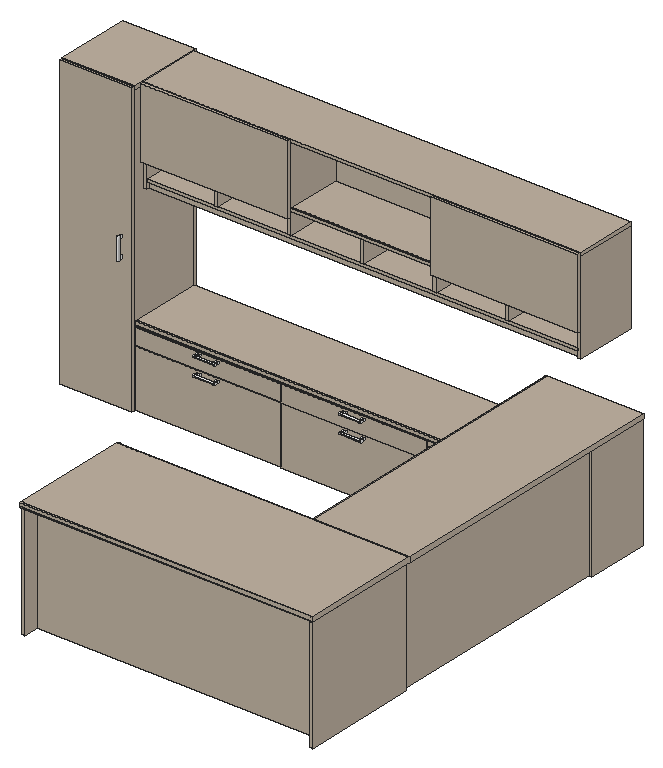
Revit family "JSI-Vision-Typical_Laminate-VST019-", category Furniture, Revit 2020 (continued)
Definition of nested family "JSI-Vision-Open_Shelf_Modular_Bench_Pedestal"
  Automatic sketch dimensions
    plane 5 to Extrusion 1 sketch curve = 0.18716"
    Extrusion 1 sketch curve to plane 6 = 0.18756"
    plane 11 to Extrusion 2 sketch curve = 0"
    plane 11 to Extrusion 3 sketch curve = 0"
    plane 18 to Extrusion 4 sketch curve = 7/8"
    plane 11 to Extrusion 4 sketch curve = 1"
    Extrusion 5 sketch curve to plane 19 = 0"
    plane 14 to Extrusion 5 sketch curve = 0.6409"
    Extrusion 2 sketch curve to plane 13 = 0"
    Extrusion 3 sketch curve to plane 13 = 0"
  Nested families (in)
    nested 1: "Label 1-16" at (9, -18, 0), type "DRWCFG"
  Definition of nested family "Label 1-16"
    Parameters
      Width = 1"
      Model Name = "FF"
    Reference planes (in)
      plane 1: y = 0
      plane 2: x = 0
    Text (in)
      label "XX" at (0.00051, -0.12324, 0), shows "Model Name"
Definition of nested family "JSI-Vision-Box_File_Modular_Bench_Pedestal"
  Parameters (values of type "Type Catalog")
    Width = 18"
    URL = "www.jsifurniture.com"
    Top = none
    Tag = "BF"
    Series = "Vision Casegoods"  # constant formula
    Pull Finish = none
    Model = "Type Catalog"
    Manufacturer = "JSI"  # constant formula
    Keynote = "12500"
    JSI Enviromental Website = "http://www.jsifurniture.com/jsi_sustainability_intro.php"
    Height = 18 3/4"
    Description = "Type Catalog"
    Depth = 18"
    Default Elevation = 0"
    Chassis = none
    Drawer Front = none
    Assembly Code = "E2020200"
  Reference planes (in)
    plane 1 "Center Front/Back": y = 0
    plane 2: z = 0
    plane 3 "Center Left/Right": x = 0
    plane 4: x = 18
    plane 5: y = -17.12
    plane 6: y = -17.25
    plane 7: x = 0.0625
    plane 8: x = 17.9375
    plane 9: y = -18
    plane 10: z = 0.14
    plane 11: z = 14.3909
    plane 12: z = 14.5159
    plane 13: x = 0.75
    plane 14: x = 17.25
    plane 15: y = -0.75
    plane 16: y = -16.37913
    plane 17: x = 9
    plane 18: z = 18.75
    plane 19: z = 18.6409
    plane 20: z = 18
  Forms (in)
    Extrusion 1, solid, material <- "Chassis"
      sketch origin (0.125, -0.1875, 48) x (0, 1, 0) y (0, 0, 1)
        loop
          line (-0.5625, -29.25) -> (-16.9325, -29.25) -> (-16.9325, -48) -> (-0.5625, -48) -> (-0.5625, -29.25)
      from -0.125 to 0.625
    Extrusion 2, solid, material <- "Chassis"
      sketch origin (29.875, -0.1875, 48) x (0, 1, 0) y (0, 0, 1)
        loop
          line (-0.5625, -29.25) -> (-16.9325, -29.25) -> (-16.9325, -48) -> (-0.5625, -48) -> (-0.5625, -29.25)
      from -12.625 to -11.875
    Extrusion 3, solid, material <- "Drawer Front"
      sketch origin (0, 0, 0) x (1, 0, 0) y (0, 0, 1)
        loop
          line (0.0625, 18.6409) -> (0.0625, 14.5159) -> (17.9375, 14.5159) -> (17.9375, 18.6409) -> (0.0625, 18.6409)
        loop
          line (0.0625, 14.3909) -> (0.0625, 0.14) -> (17.9375, 0.14) -> (17.9375, 14.3909) -> (0.0625, 14.3909)
      from 17.25 to 18
    Extrusion 4, solid, material <- "Chassis"
      sketch origin (0, 0, 0) x (1, 0, 0) y (0, 1, 0)
        loop
          line (0.75, -16.37913) -> (0.75, -17.12) -> (17.25, -17.12) -> (17.25, -16.37913) -> (0.75, -16.37913)
      from 0 to 1.9375
    Extrusion 5, solid, material <- "Top"
      sketch origin (0, 0, 0) x (0, 1, 0) y (0, 0, 1)
        loop
          line (-1.5, 18.75) -> (-17.12, 18.75) -> (-17.12, 18) -> (-1.5, 18) -> (-1.5, 18.75)
      from 0.75 to 17.25
    Extrusion 6, solid, material <- "Chassis"
      sketch origin (0, 0, 0) x (0, 1, 0) y (0, 0, 1)
        loop
          line (-1.5, 13.75) -> (-0.75, 13.75) -> (-0.75, 18.75) -> (-1.5, 18.75) -> (-1.5, 13.75)
        loop
          line (-1.5, 0) -> (-0.75, 0) -> (-0.75, 5) -> (-1.5, 5) -> (-1.5, 0)
      from 0.75 to 17.25
  Lines and regions (in)
    symbolic lines
      curve 1: line (0, 0, 0) -> (18, 0, 0)
      curve 2: line (0, -17.12, 0) -> (0, 0, 0)
      curve 3: line (18, -17.12, 0) -> (0, -17.12, 0)
      curve 4: line (18, 0, 0) -> (18, -17.12, 0)
      curve 5: line (0.0625, -17.25, 0) -> (17.9375, -17.25, 0)
      curve 6: line (0.0625, -18, 0) -> (0.0625, -17.25, 0)
      curve 7: line (17.9375, -18, 0) -> (0.0625, -18, 0)
      curve 8: line (17.9375, -17.25, 0) -> (17.9375, -18, 0)
  Dimensions and locks (in)
    plane 16 to plane 5 to plane 6 to plane 9 = 0.74087" locked, 0.13" locked, 3/4" locked
    "Depth": plane 1 "Center Front/Back" to plane 9
    locked: plane 19 to plane 18 at 0.1091
    "Width": plane 3 "Center Left/Right" to plane 4
    equal spacing: plane 3 "Center Left/Right", plane 17, plane 4
    plane 1 "Center Front/Back" to plane 15 = 3/4"
    "Height": plane 18 to level
    locked: plane 18 to plane 20 at 0.75
    locked: plane 12 to plane 11 at 0.125
    plane 19 to plane 12 to plane 10 to plane 2 = 4 1/8" locked, 14.3759" locked, 0.14" locked
    plane 3 "Center Left/Right" to plane 7 to plane 13 = 1/16" locked, 11/16" locked
    plane 14 to plane 8 to plane 4 = 11/16" locked, 1/16" locked
    locked: Extrusion 6 sketch curve to plane 2 at 5
    locked: Extrusion 6 sketch curve to plane 18 at 5
    locked: plane 15 to Extrusion 6 sketch curve at 0.75
    locked: Extrusion 3 to nested 2 at 0.75
    locked: Extrusion 3 to nested 1 at 0.75
    aligned and locked: level to plane 2
    aligned and locked: plane 15 to Extrusion 1 sketch curve
    aligned and locked: Extrusion 1 sketch curve to plane 5
    aligned and locked: Extrusion 1 sketch curve to level
    aligned and locked: plane 13 to Extrusion 1
    aligned and locked: Extrusion 2 sketch curve to plane 15
    aligned and locked: level to Extrusion 2 sketch curve
    aligned and locked: plane 5 to Extrusion 2 sketch curve
    aligned and locked: Extrusion 3 sketch curve to plane 7  (x2)
    aligned and locked: plane 8 to Extrusion 3 sketch curve  (x2)
    aligned and locked: plane 12 to Extrusion 3 sketch curve
    aligned and locked: Extrusion 3 sketch curve to plane 11
    aligned and locked: plane 10 to Extrusion 3 sketch curve
    aligned and locked: Extrusion 3 to plane 9
    aligned and locked: plane 6 to Extrusion 3
    aligned and locked: Extrusion 4 sketch curve to plane 16
    aligned and locked: plane 13 to Extrusion 4 sketch curve
    aligned and locked: nested 1 to plane 9
    aligned and locked: nested 2 to plane 9
    aligned and locked: nested 2 to plane 17
    aligned and locked: nested 1 to plane 17
    aligned and locked: plane 17 to nested 3
    aligned and locked: nested 3 to plane 9
    aligned and locked: plane 18 to Extrusion 2
    aligned and locked: plane 18 to Extrusion 1
    aligned and locked: plane 19 to Extrusion 3 sketch curve
    aligned and locked: Extrusion 1 to plane 3 "Center Left/Right"
    aligned and locked: plane 3 "Center Left/Right" to curve 2
    aligned and locked: plane 1 "Center Front/Back" to curve 1
    aligned and locked: plane 4 to Extrusion 2
    aligned and locked: curve 4 to plane 4
    aligned and locked: Extrusion 5 sketch curve to plane 18
    aligned and locked: Extrusion 2 to plane 14
    aligned and locked: Extrusion 5 to plane 5
    aligned and locked: plane 14 to Extrusion 5
    aligned and locked: Extrusion 6 sketch curve to Extrusion 6 sketch curve  (x2)
    aligned and locked: plane 15 to Extrusion 6 sketch curve
    aligned and locked: plane 18 to Extrusion 6 sketch curve
    aligned and locked: Extrusion 6 sketch curve to plane 2
    aligned and locked: Extrusion 6 to Extrusion 5 sketch curve
    aligned and locked: Extrusion 6 to plane 13
    aligned and locked: plane 14 to Extrusion 6
  Automatic sketch dimensions
    Extrusion 4 sketch curve to plane 5 = 0"
    Extrusion 4 sketch curve to plane 14 = 0"
    curve 6 to plane 6 = 0"
    curve 6 to plane 7 = 0"
    curve 5 to plane 8 = 0"
    curve 6 to plane 9 = 0"
    curve 2 to plane 5 = 0"
    Extrusion 1 sketch curve to plane 18 = 0"
    Extrusion 2 sketch curve to plane 18 = 0"
    Extrusion 5 sketch curve to Extrusion 5 sketch curve = 3/4"
    plane 9 to Extrusion 5 sketch curve = 0.88"
  Nested families (in)
    nested 1: "Bar Pull" at (9, -18, 13.6409), Pull Finish <- "Pull Finish", type "PL"
      with Pull Finish none
    nested 2: "Bar Pull" at (9, -18, 17.8909), Pull Finish <- "Pull Finish", type "PL"
      with Pull Finish none
    nested 3: "Label 1-16" at (9, -18, 0), type "DRWCFG"
  Definition of nested family "Bar Pull"
    Parameters
      Pull Finish [instance] = none
      Default Elevation = 0"
    Reference planes (in)
      plane 1 "Center Front/Back": y = 0
      plane 2: z = 0
      plane 3 "Center Left/Right": x = 0
      plane 4: x = -2.68731
      plane 5: x = -1.88731
      plane 6: x = 2.68731
      plane 7: x = 1.88731
      plane 8: y = -1
      plane 9: y = -0.85202
    Forms (in)
      Extrusion 1, solid, material <- "Pull Finish"
        sketch origin (0, 0, 0) x (0, 1, 0) y (0, 0, 1)
          loop
            line (0, -0.2015) -> (0, 0.2015) -> (-0.85202, 0.2015)
            arc (-0.85202, 0.2015) -> (-0.75, 0) -> (-0.85202, -0.2015) r 0.25
            line (-0.85202, -0.2015) -> (0, -0.2015)
        from 1.88731 to 2.68731
      Extrusion 2, solid, material <- "Pull Finish"
        sketch origin (0, 0, 0) x (0, 1, 0) y (0, 0, 1)
          loop
            circle (-1, 0) r 0.25
        from -2.68731 to 2.68731
      Extrusion 3, solid, material <- "Pull Finish"
        sketch origin (0, 0, 0) x (0, 1, 0) y (0, 0, -1)
          loop
            line (0, 0.2015) -> (-0.85202, 0.2015)
            arc (-0.85202, 0.2015) -> (-0.75, 0) -> (-0.85202, -0.2015) r 0.25
            line (-0.85202, -0.2015) -> (0, -0.2015) -> (0, 0.2015)
        from 1.88731 to 2.68731
    Dimensions and locks (in)
      plane 4 to plane 5 to plane 3 "Center Left/Right" to plane 7 to plane 6 = 0.8" locked, 1.88731" locked, 1.88731" locked, 0.8" locked
      plane 8 to plane 9 to plane 1 "Center Front/Back" = 0.14798" locked, 0.85202" locked
      aligned and locked: level to plane 2
      aligned and locked: plane 4 to Extrusion 3
      aligned and locked: Extrusion 3 to plane 5
      aligned and locked: plane 4 to Extrusion 2
      aligned and locked: Extrusion 1 to plane 7
      aligned and locked: plane 6 to Extrusion 1
      aligned and locked: plane 6 to Extrusion 2
      aligned and locked: plane 8 to Extrusion 2 sketch curve
      aligned and locked: Extrusion 3 to plane 1 "Center Front/Back"
      aligned and locked: Extrusion 1 to plane 1 "Center Front/Back"
      aligned and locked: plane 5 to Extrusion 3
      aligned and locked: Extrusion 3 to plane 4
      aligned and locked: Extrusion 2 to plane 4
      aligned and locked: plane 7 to Extrusion 1
      aligned and locked: Extrusion 1 to plane 6
      aligned and locked: Extrusion 2 to plane 6
  Definition of nested family "Label 1-16"
    Parameters
      Width = 1"
      Model Name = "FF"
    Reference planes (in)
      plane 1: y = 0
      plane 2: x = 0
    Text (in)
      label "XX" at (0.00051, -0.12324, 0), shows "Model Name"
Definition of nested family "JSI-Vision-Bench_Height-Shell_Return"
  Parameters (values of type "Type Catalog")
    Worksurface = none
    Width = 66"
    URL = "www.jsifurniture.com"
    Type Comments = ""
    Series = "Vision Casegoods"  # constant formula
    Ped Height = Height - 1 3/16"  # 28"
    Modesty Position = if(ELY, (1 1/16"), Width - 13 3/8")  # 1 1/16"
    Model = "Type Catalog"
    Material = ""
    Manufacturer = "JSI"  # constant formula
    Modesty Width = (Width + 1 1/16") - 13 3/8"  # 53 11/16"
    Lat Panel Pstn = if(ELY, Width - 7/8", Width - Width + 1/8")  # 65 1/8"
    Keynote = "12500"  # constant formula
    JSI Enviromental Website = "http://www.jsifurniture.com/jsi_sustainability_intro.php"
    Insertion Point = if(ELY, 0", Width)  # 0"
    Height = 29 3/16"
    Grommet Position = 13 9/16"
    Grommet Finish = none
    ELY = yes
    Description = "Type Catalog"
    Depth = 24"
    Default Elevation = 0"
    Chassis = none
    Bk Panel Pstn = if(ELY, Width - 15 3/4", Width - Width + 1/8")  # 50 1/4"
    Assembly Code = "E2020200"
  Reference planes (in)
    plane 1 "Center Front/Back": y = 0
    plane 2: z = 0
    plane 3 "Center Left/Right": x = 0
    plane 4: x = 0
    plane 5: y = -24
    plane 6: x = -66
    plane 7: z = 29.1875
    plane 8: z = 28
    plane 9: y = -0.87499
    plane 10: y = -1.625
    plane 11: y = -2.93087
    plane 12: x = -25.78125
    plane 13: x = -65.875
    plane 14: x = -65.125
    plane 15: x = -50.25
    plane 16: y = -0.125
    plane 17: x = -52.625
    plane 18: x = 1.0625
    plane 19: x = -65.87492
    plane 20: y = -3.875
  Forms (in)
    Extrusion 1, solid, material <- "Worksurface"
      sketch origin (0, 0, 0) x (1, 0, 0) y (0, 1, 0)
        loop
          line (-66, 0) -> (-66, -23.87) -> (0, -23.87) -> (0, 0) -> (-66, 0)
      from 28 to 29.1875
    Extrusion 2, solid, material <- "Chassis"
      sketch origin (-54.93742, 0, 0) x (1, 0, 0) y (0, 0, 1)
        loop
          line (2.31242, 28) -> (2.31242, 0) -> (55.99992, 0) -> (55.99992, 28) -> (28.47723, 28) -> (2.31242, 28)
      from 0.87499 to 1.625
    Extrusion 3, solid, material <- "Chassis"
      sketch origin (-117.25008, -2.005, 28.8125) x (0, 0, -1) y (0, -1, 0)
        loop
          line (0.8125, -1.13002) -> (28.8125, -1.13002) -> (28.8125, 21.8075) -> (0.8125, 21.8075) -> (0.8125, -0.69975) -> (0.8125, -1.13002)
      from -52.12508 to -51.37508
    Extrusion 4, solid, material <- "Chassis"
      sketch origin (0, 0, 0) x (1, 0, 0) y (0, 1, 0)
        loop
          line (-65.87492, -0.125) -> (-65.87492, -0.87499) -> (-50.25, -0.87499) -> (-50.25, -0.125) -> (-65.87492, -0.125)
      from 0 to 28
    Extrusion 5, solid, material <- "Worksurface"
      sketch origin (0, 0, 0) x (0, 1, 0) y (0, 0, 1)
        loop
          arc (-23.87, 29.1875) -> (-23.96192, 29.14942) -> (-24, 29.0575) r 0.13
          line (-24, 29.0575) -> (-24, 28.13)
          arc (-24, 28.13) -> (-23.96192, 28.03807) -> (-23.87, 28) r 0.13
          line (-23.87, 28) -> (-23.87, 29.1875)
      from -66 to 0
  Lines and regions (in)
    symbolic lines
      curve 1: line (-52.625, -1.625, 0) -> (1.0625, -1.625, 0)
      curve 2: line (-52.625, -0.87499, 0) -> (-52.625, -1.625, 0)
      curve 3: line (1.0625, -0.87499, 0) -> (-52.625, -0.87499, 0)
      curve 4: line (1.0625, -1.625, 0) -> (1.0625, -0.87499, 0)
      curve 5: line (-65.87492, -0.125, 0) -> (-50.25, -0.125, 0)
      curve 6: line (-65.87492, -0.87499, 0) -> (-65.87492, -0.125, 0)
      curve 7: line (-50.25, -0.125, 0) -> (-50.25, -0.87499, 0)
      curve 8: line (-65.875, -23.8125, 0) -> (-65.875, -0.87499, 0)
      curve 9: line (-65.125, -23.8125, 0) -> (-65.875, -23.8125, 0)
      curve 10: line (-65.125, -0.87499, 0) -> (-65.125, -23.8125, 0)
      curve 11: line (-66, -24, 0) -> (0, -24, 0)
      curve 12: line (-66, 0, 0) -> (-66, -24, 0)
      curve 13: line (0, 0, 0) -> (-66, 0, 0)
      curve 14: line (0, -24, 0) -> (0, 0, 0)
      curve 15: line (-50.25, -0.87499, 0) -> (-65.87492, -0.87499, 0)
  Dimensions and locks (in)
    "Insertion Point": plane 4 to plane 3 "Center Left/Right"
    "Depth": plane 5 to plane 1 "Center Front/Back"
    "Width": plane 6 to plane 4
    locked: plane 7 to plane 8 at 1.1875
    "Height": plane 7 to level
    locked: plane 13 to plane 14 at 0.75
    "Modesty Position": plane 3 "Center Left/Right" to plane 18
    "Modesty Width": plane 17 to plane 18
    locked: Extrusion 3 sketch curve to plane 5 at 0.1875
    "Lat Panel Pstn": plane 14 to plane 4
    locked: plane 19 to plane 15 at 15.62492
    "Bk Panel Pstn": plane 15 to plane 4
    locked: plane 1 "Center Front/Back" to plane 20 at 3.875
    equal spacing: plane 17, plane 12, plane 18
    aligned and locked: level to plane 2
    aligned and locked: Extrusion 1 sketch curve to plane 1 "Center Front/Back"
    aligned and locked: plane 6 to Extrusion 1 sketch curve
    aligned and locked: Extrusion 1 sketch curve to plane 4
    aligned and locked: plane 8 to Extrusion 2 sketch curve  (x2)
    aligned and locked: Extrusion 2 sketch curve to level
    aligned and locked: plane 13 to Extrusion 3
    aligned and locked: plane 8 to Extrusion 3  (x2)
    aligned and locked: plane 14 to Extrusion 3
    aligned and locked: plane 9 to Extrusion 3 sketch curve
    aligned and locked: plane 17 to Extrusion 2
    aligned and locked: plane 9 to Extrusion 2
    aligned and locked: Extrusion 2 to plane 10
    aligned and locked: Extrusion 2 to plane 18
    aligned and locked: plane 9 to Extrusion 4 sketch curve
    aligned and locked: Extrusion 4 sketch curve to plane 19
    aligned and locked: Extrusion 4 sketch curve to plane 16
    aligned and locked: plane 15 to Extrusion 4 sketch curve
    aligned and locked: plane 8 to Extrusion 4
    aligned and locked: Extrusion 2 to curve 3
    aligned and locked: curve 2 to Extrusion 2
    aligned and locked: curve 1 to Extrusion 2
    aligned and locked: curve 4 to Extrusion 2
    aligned and locked: curve 5 to Extrusion 4
    aligned and locked: curve 6 to Extrusion 4
    aligned and locked: curve 7 to Extrusion 4
    aligned and locked: curve 9 to Extrusion 3
    aligned and locked: curve 10 to Extrusion 3
    aligned and locked: curve 8 to Extrusion 3
    aligned and locked: plane 4 to Extrusion 5
    aligned and locked: Extrusion 5 to plane 6
    aligned and locked: curve 12 to plane 6
    aligned and locked: plane 4 to curve 14
    aligned and locked: curve 13 to plane 1 "Center Front/Back"
    aligned and locked: curve 11 to plane 5
    aligned and locked: Extrusion 1 to plane 8
    aligned and locked: plane 7 to Extrusion 1
  Automatic sketch dimensions
    Extrusion 3 sketch curve to level = 0"
    Extrusion 3 sketch curve to plane 8 = 0"
    Extrusion 2 sketch curve to plane 15 = 51 5/16"
    plane 17 to Extrusion 2 sketch curve = 0"
    plane 5 to Extrusion 1 sketch curve = 0.13"
    Extrusion 5 sketch curve to plane 5 = 0"
    Extrusion 5 sketch curve to plane 8 = 0"
    Extrusion 5 sketch curve to plane 7 = 0"
    plane 5 to Extrusion 5 sketch curve = 0.13"
    curve 8 to plane 9 = 0"
    curve 6 to plane 9 = 0"
    plane 10 to Extrusion 3 sketch curve = 0.31975"
    Extrusion 2 sketch curve to plane 12 = 0.67894"
Definition of nested family "JSI-Vision-Wall_Mount_Overhead_Cabinets-Sliding_Door_with_Cubbies"
  Parameters (values of type "Type Catalog")
    Verticall Partition Distance = if(Width > 48", ((Door Width * 2) + 3/16"), ((Width / 2) - 3/16"))  # 26 13/16"
    Unit Centre = Width / 2  # 27"
    Top = none
    Width = 54"
    URL = "www.jsifurniture.com"
    Type Comments = ""
    Tag = "1 Door - 1 Open"
    Sliding Door Width = if(Width > 48", (Verticall Partition Distance + 3/8"), ((Width / 2) + 3/16"))  # 27 3/16"
    Series = "VISION CASEGOODS"  # constant formula
    Right Vertical Partition = yes
    Right Sliding Door = no
    Overhead Height = 7 1/2"
    Overall Height [instance] = 72"
    Model = "Type Catalog"
    Material = ""
    Manufacturer = "JSI"  # constant formula
    Left Vertical Partition = no
    Keynote = "12500"
    JSI Enviromental Website = "http://www.jsifurniture.com/jsi_sustainability_intro.php"
    Height = 24"
    Door Width Actual = if(# of Doors > 4, (((Width - 1")) / # of Doors), if(# of Doors > 3, (((Width - 1") / # of Doors) + 1/16"), if(# of Doors > 2, (((Width - 1 1/8" + 1/8") / # of Doors) + 1/8"), (((Width - 1 1/8" + 1/8") / # of Doors) + 1/4"))))  # 13 5/16"
    Door Array Spacing = Door Width + 1/8"  # 13 7/16"
    Door Width = Door Width Actual  # 13 5/16"
    Door Front = none
    Door Align Spacing = 1/16"
    Description = "Type Catalog"
    Depth = 16"
    Default Elevation = 0"
    Chassis = none
    Bottom Partition Array Start Distance = if(# of Doors > 4, (((Width - 1") / # of Doors) + 1/16"), if(# of Doors > 3, (((Width - 1") / # of Doors) + 1/8"), Verticall Partition Distance))  # 13 3/8"
    Bottom Partition Array Space = Bottom Partition Array Start Distance - 3/8"  # 13"
    Bottom Partition Array Distance = if(# of Doors > 2, (Verticall Partition Distance - Bottom Partition Array Start Distance), 0")  # 13 7/16"
    Assembly Code = "E2020200"
    # of bottom Partition = if(# of Doors > 2, (# of Doors - 1), # of Doors)  # 3
    # of Doors = if(Width > 89", 6, (if(Width > 53", 4, (if(Width > 41", 3, (if(Width > 30", 2, 2)))))))  # 4
  Reference planes (in)
    plane 1 "Center Front/Back": y = 0
    plane 2: z = 0
    plane 3 "Center Left/Right": x = 0
    plane 4: z = 0
    plane 5: y = -0.125
    plane 6: x = 54
    plane 7: x = 0.125
    plane 8: x = 53.875
    plane 9: y = -15.5625
    plane 10: y = -16
    plane 11: z = 72
    plane 12: z = 71.5
    plane 13: x = 0.875
    plane 14: x = 53.125
    plane 15: y = -0.875
    plane 16: y = -0.9375
    plane 17: y = -1.6875
    plane 18: z = 71.25
    plane 19: z = 56
    plane 20: z = 56.75
    plane 21: z = 48.5
    plane 22: y = -14.8125
    plane 23: y = -14.0625
    plane 24: x = 0.1875
    plane 25: x = 53.8125
    plane 26: z = 71.9375
    plane 27: z = 54.6875
    plane 28: y = -15.6875
    plane 29: y = -16.4375
    plane 30: x = 27
    plane 31: x = 27
    plane 32: x = 27
    plane 33: x = 26.625
    plane 34: x = 27.375
    plane 35: x = 26.625
    plane 36: x = 27.375
    plane 37: z = 50
    plane 38: z = 50.75
    plane 39: x = 26.625
    plane 40: x = 27.375
    plane 41: x = 0.5
    plane 42: x = 53.5
    plane 43: x = 13.5625
    plane 44: x = 13.1875
    plane 45: x = 13.9375
    plane 46: z = 48.5
    plane 47: z = 72.5
    plane 48: z = 66.0625
    plane 49: z = 68.25
    plane 50: z = 69.0625
    plane 51: x = 1.5
    plane 52: x = 52.5
  Forms (in)
    Extrusion 1, solid, material <- "Chassis"
      sketch origin (0, 0, 0) x (1, 0, 0) y (0, 1, 0)
        loop
          line (0.125, -0.125) -> (0.125, -15.5625) -> (0.875, -15.5625) -> (0.875, -0.125) -> (0.125, -0.125)
      from 48.5 to 71.25
    Extrusion 2, solid, material <- "Chassis"
      sketch origin (0, 0, 0) x (1, 0, 0) y (0, 1, 0)
        loop
          line (53.875, -0.125) -> (53.125, -0.125) -> (53.125, -15.5625) -> (53.875, -15.5625) -> (53.875, -0.125)
      from 48.5 to 71.25
    Extrusion 3, solid, material <- "Top"
      sketch origin (0, 0, 0) x (1, 0, 0) y (0, 0, 1)
        loop
          line (0.125, 72) -> (0.125, 71.25) -> (53.875, 71.25) -> (53.875, 72) -> (0.125, 72)
      from 0.125 to 15.5625
    Extrusion 4, solid, material <- "Chassis"
      sketch origin (0, 0, 0) x (1, 0, 0) y (0, 1, 0)
        loop
          line (0.875, -14.0625) -> (0.875, -14.8125) -> (53.125, -14.8125) -> (53.125, -14.0625) -> (0.875, -14.0625)
      from 48.5 to 50
    Extrusion 5, solid, material <- "Chassis", visible <- "Left Vertical Partition"
      sketch origin (0, 0, 0) x (1, 0, 0) y (0, 1, 0)
        loop
          line (26.625, -1.6875) -> (26.625, -15.5625) -> (27.375, -15.5625) -> (27.375, -1.6875) -> (26.625, -1.6875)
      from 56.75 to 71.25
    Extrusion 6, solid, material <- "Chassis", visible <- "Right Vertical Partition"
      sketch origin (0, 0, 0) x (1, 0, 0) y (0, 1, 0)
        loop
          line (26.625, -1.6875) -> (26.625, -15.5625) -> (27.375, -15.5625) -> (27.375, -1.6875) -> (26.625, -1.6875)
      from 56.75 to 71.25
    Extrusion 7, solid, material <- "Chassis"
      sketch origin (130.61992, -0.9375, 48) x (1, 0, 0) y (0, 0, 1)
        loop
          line (-129.74492, 23.25) -> (-129.74492, 0.5) -> (-77.49492, 0.5) -> (-77.49492, 23.25) -> (-129.74492, 23.25)
      from 0 to 0.75
    Extrusion 8, solid, material <- "Chassis"
      sketch origin (130.61992, -0.9375, 48) x (1, 0, 0) y (0, 0, 1)
        loop
          line (-129.74492, 2) -> (-77.49492, 2) -> (-77.49492, 2.75) -> (-129.74492, 2.75) -> (-129.74492, 2)
      from 0.75 to 14.625
    Extrusion 9, solid, material <- "Chassis"
      sketch origin (-4.52083, 0, 29.5) x (1, 0, 0) y (0, 1, 0)
        loop
          line (17.70833, -1.6875) -> (17.70833, -15.5625) -> (18.45833, -15.5625) -> (18.45833, -1.6875) -> (17.70833, -1.6875)
      from 21.25 to 26.5
    Extrusion 10, solid, material <- "Chassis"
      sketch origin (8.91667, 0, 29.5) x (1, 0, 0) y (0, 1, 0)
        loop
          line (17.70833, -1.6875) -> (17.70833, -15.5625) -> (18.45833, -15.5625) -> (18.45833, -1.6875) -> (17.70833, -1.6875)
      from 21.25 to 26.5
    Extrusion 11, solid, material <- "Door Front"
      sketch origin (0, 0, 0) x (1, 0, 0) y (0, 1, 0)
        loop
          line (0.1875, -15.6875) -> (0.1875, -16.4375) -> (27.375, -16.4375) -> (27.375, -15.6875) -> (0.1875, -15.6875)
      from 54.6875 to 71.9375
    Extrusion 12, solid, material <- "Door Front", visible <- "Right Sliding Door"
      sketch origin (0, 0, 0) x (1, 0, 0) y (0, 1, 0)
        loop
          line (53.8125, -15.6875) -> (26.625, -15.6875) -> (26.625, -16.4375) -> (53.8125, -16.4375) -> (53.8125, -15.6875)
      from 54.6875 to 71.9375
    Extrusion 13, solid, material <- "Chassis"
      sketch origin (0.875, 60, 48) x (0, 1, 0) y (0, 0, 1)
        loop
          line (-61.6875, 8.75) -> (-74.90625, 8.75) -> (-74.90625, 8.375) -> (-75.15625, 8.375) -> (-75.15625, 8.75) -> (-75.5625, 8.75) -> (-75.5625, 8) -> (-61.6875, 8) -> (-61.6875, 8.75)
      from 0 to 52.25
    Extrusion 14, solid, material <- "Chassis"
      sketch origin (1.5, 60, 48) x (0, 1, 0) y (0, 0, 1)
        loop
          line (-60.125, 23.25) -> (-60.9375, 23.25) -> (-60.9375, 21.0625) -> (-60.125, 20.25) -> (-60.125, 23.25)
      from -0.625 to 51.625
    Extrusion 15, solid, material <- "Chassis"
      sketch origin (1.5, 60, 48) x (0, 1, 0) y (0, 0, 1)
        loop
          line (-60.9375, 21.0625) -> (-60.9375, 18.0625) -> (-60.125, 18.0625) -> (-60.125, 20.25) -> (-60.9375, 21.0625)
      from 0 to 51
    Extrusion 16, solid, material <- "Chassis"
      sketch origin (22.35417, 0, 29.5) x (1, 0, 0) y (0, 1, 0)
        loop
          line (17.70833, -1.6875) -> (17.70833, -15.5625) -> (18.45833, -15.5625) -> (18.45833, -1.6875) -> (17.70833, -1.6875)
      from 21.25 to 26.5
  Lines and regions (in)
    symbolic lines
      curve 1: line (53.875, -0.125, 0) -> (0.125, -0.125, 0)
      curve 2: line (0.125, -0.125, 0) -> (0.125, -15.5625, 0)
      curve 3: line (0.125, -15.5625, 0) -> (53.875, -15.5625, 0)
      curve 4: line (53.875, -15.5625, 0) -> (53.875, -0.125, 0)
      curve 5: line (27.375, -15.6875, 0) -> (0.1875, -15.6875, 0)
      curve 6: line (0.1875, -15.6875, 0) -> (0.1875, -16.4375, 0)
      curve 7: line (0.1875, -16.4375, 0) -> (27.375, -16.4375, 0)
      curve 8: line (27.375, -16.4375, 0) -> (27.375, -15.6875, 0)
    symbolic lines, visible <- "Right Sliding Door"
      curve 9: line (26.625, -15.6875, 48.5) -> (53.8125, -15.6875, 48.5)
      curve 10: line (26.625, -16.4375, 48.5) -> (26.625, -15.6875, 48.5)
      curve 11: line (53.8125, -16.4375, 48.5) -> (26.625, -16.4375, 48.5)
      curve 12: line (53.8125, -15.6875, 48.5) -> (53.8125, -16.4375, 48.5)
  Dimensions and locks (in)
    locked: plane 3 "Center Left/Right" to plane 7 at 0.125
    locked: plane 8 to plane 6 at 0.125
    locked: plane 5 to plane 1 "Center Front/Back" at 0.125
    plane 10 to plane 9 to plane 22 to plane 23 = 7/16" locked, 3/4" locked, 3/4" locked
    "Width": plane 3 "Center Left/Right" to plane 6
    "Depth": plane 10 to plane 1 "Center Front/Back"
    plane 47 to plane 11 to plane 12 = 1/2" locked, 1/2" locked
    locked: plane 7 to plane 13 at 0.75
    locked: plane 14 to plane 8 at 0.75
    locked: plane 15 to plane 5 at 0.75
    plane 17 to plane 16 to plane 5 = 3/4" locked, 13/16" locked
    locked: plane 11 to plane 18 at 0.75
    locked: plane 20 to plane 19 at 0.75
    locked: plane 11 to plane 26 at 0.0625
    locked: plane 19 to plane 27 at 1.3125
    plane 29 to plane 28 to plane 9 = 3/4" locked, 1/8" locked
    "Verticall Partition Distance": plane 24 to plane 31
    plane 33 to plane 31 to plane 34 = 3/8" locked, 3/8" locked
    plane 35 to plane 32 to plane 36 = 3/8" locked, 3/8" locked
    "Verticall Partition Distance": plane 32 to plane 25
    "Unit Centre": plane 3 "Center Left/Right" to plane 30
    "Door Align Spacing": plane 7 to plane 24
    "Door Align Spacing": plane 25 to plane 8
    locked: plane 19 to plane 37 at 6
    plane 38 to plane 37 to plane 21 = 3/4" locked, 1 1/2" locked
    locked: plane 41 to plane 13 at 0.375
    locked: plane 14 to plane 42 at 0.375
    "Bottom Partition Array Start Distance": plane 24 to plane 43
    plane 44 to plane 43 to plane 45 = 3/8" locked, 3/8" locked
    equal spacing: group 1, group 2, group 3  (x3)
    "Bottom Partition Array Distance": Extrusion 9 to Extrusion 10
    "Bottom Partition Array Space": plane 24 to Extrusion 9
    plane 39 to plane 30 to plane 40 = 3/8" locked, 3/8" locked
    "Sliding Door Width": Extrusion 11 sketch curve to Extrusion 11 sketch curve
    "Sliding Door Width": Extrusion 12 sketch curve to Extrusion 12 sketch curve
    "Overhead Height": plane 19 to plane 46
    Extrusion 13 sketch curve to Extrusion 13 sketch curve to Extrusion 13 sketch curve = 1/4" locked, 13/32" locked
    locked: Extrusion 13 sketch curve to Extrusion 13 sketch curve at 0.375
    "Height": plane 47 to plane 46
    plane 18 to plane 50 to plane 49 to plane 48 = 2 3/16" locked, 13/16" locked, 2 3/16" locked
    locked: plane 13 to plane 51 at 0.625
    locked: plane 52 to plane 14 at 0.625
    "Overall Height": plane 11 to level
    aligned and locked: level to plane 2
    aligned and locked: plane 5 to Extrusion 1 sketch curve
    aligned and locked: plane 7 to Extrusion 1 sketch curve
    aligned and locked: Extrusion 1 sketch curve to plane 13
    aligned and locked: Extrusion 2 sketch curve to plane 5
    aligned and locked: plane 8 to Extrusion 2 sketch curve
    aligned and locked: Extrusion 2 sketch curve to plane 14
    aligned and locked: Extrusion 3 sketch curve to plane 11
    aligned and locked: plane 7 to Extrusion 3 sketch curve
    aligned and locked: Extrusion 3 to plane 5
    aligned and locked: plane 9 to Extrusion 1
    aligned and locked: plane 9 to Extrusion 2
    aligned and locked: plane 9 to Extrusion 3
    aligned and locked: plane 23 to Extrusion 4 sketch curve
    aligned and locked: plane 13 to Extrusion 4 sketch curve
    aligned and locked: Extrusion 4 sketch curve to plane 22
    aligned and locked: Extrusion 4 sketch curve to plane 14
    aligned and locked: Extrusion 4 to plane 21
    aligned and locked: plane 17 to Extrusion 5 sketch curve
    aligned and locked: plane 33 to Extrusion 5 sketch curve
    aligned and locked: Extrusion 5 sketch curve to plane 9
    aligned and locked: Extrusion 5 sketch curve to plane 34
    aligned and locked: plane 17 to Extrusion 6 sketch curve
    aligned and locked: plane 35 to Extrusion 6 sketch curve
    aligned and locked: Extrusion 6 sketch curve to plane 9
    aligned and locked: Extrusion 6 sketch curve to plane 36
    aligned and locked: plane 18 to Extrusion 5
    aligned and locked: Extrusion 5 to plane 20
    aligned and locked: plane 18 to Extrusion 6
    aligned and locked: Extrusion 6 to plane 20
    aligned and locked: Extrusion 1 to Extrusion 7 sketch curve  (x2)
    aligned and locked: Extrusion 2 to Extrusion 7 sketch curve
    aligned and locked: Extrusion 7 to plane 16
    aligned and locked: plane 17 to Extrusion 7
    aligned and locked: Extrusion 8 sketch curve to plane 37
    aligned and locked: Extrusion 8 sketch curve to plane 38
    aligned and locked: Extrusion 8 sketch curve to plane 13
    aligned and locked: Extrusion 8 sketch curve to plane 14
    aligned and locked: Extrusion 8 to plane 17
    aligned and locked: plane 9 to Extrusion 8
    aligned and locked: plane 37 to Extrusion 4
    aligned and locked: Extrusion 9 to plane 38
    aligned and locked: plane 19 to Extrusion 9
    aligned and locked: plane 28 to Extrusion 11 sketch curve
    aligned and locked: plane 24 to Extrusion 11 sketch curve
    aligned and locked: Extrusion 11 sketch curve to plane 29
    aligned and locked: plane 26 to Extrusion 11
    aligned and locked: Extrusion 11 to plane 27
    aligned and locked: Extrusion 12 sketch curve to plane 28
    aligned and locked: plane 25 to Extrusion 12 sketch curve
    aligned and locked: plane 29 to Extrusion 12 sketch curve
    aligned and locked: plane 26 to Extrusion 12
    aligned and locked: Extrusion 12 to plane 27
    aligned and locked: plane 30 to nested 1
    aligned and locked: plane 29 to nested 1
    aligned and locked: plane 18 to Extrusion 1
    aligned and locked: plane 18 to Extrusion 2
    aligned and locked: curve 1 to Extrusion 3
    aligned and locked: curve 2 to Extrusion 3
    aligned and locked: curve 3 to Extrusion 3
    aligned and locked: curve 4 to Extrusion 3
    aligned and locked: Extrusion 9 to plane 19
    aligned and locked: plane 38 to Extrusion 9
    aligned and locked: plane 19 to Extrusion 10
    aligned and locked: Extrusion 10 to plane 38
    aligned and locked: plane 46 to Extrusion 7 sketch curve
    aligned and locked: Extrusion 1 to plane 46
    aligned and locked: Extrusion 2 to plane 46
    aligned and locked: Extrusion 13 sketch curve to plane 20  (x2)
    aligned and locked: plane 19 to Extrusion 13 sketch curve
    aligned and locked: plane 17 to Extrusion 13 sketch curve
    aligned and locked: Extrusion 13 sketch curve to plane 9
    aligned and locked: Extrusion 13 to plane 13
    aligned and locked: plane 14 to Extrusion 13
    aligned and locked: plane 5 to Extrusion 14 sketch curve
    aligned and locked: Extrusion 14 sketch curve to plane 16
    aligned and locked: Extrusion 14 sketch curve to plane 18
    aligned and locked: plane 50 to Extrusion 14 sketch curve
    aligned and locked: plane 49 to Extrusion 14 sketch curve
    aligned and locked: Extrusion 14 to plane 13
    aligned and locked: plane 14 to Extrusion 14
    aligned and locked: Extrusion 15 sketch curve to Extrusion 14
    aligned and locked: Extrusion 15 sketch curve to plane 5
    aligned and locked: plane 16 to Extrusion 15 sketch curve
    aligned and locked: Extrusion 15 sketch curve to plane 48
    aligned and locked: plane 50 to Extrusion 15 sketch curve
    aligned and locked: plane 49 to Extrusion 15 sketch curve
    aligned and locked: Extrusion 15 to plane 51
    aligned and locked: plane 52 to Extrusion 15
    aligned and locked: curve 5 to Extrusion 11
    aligned and locked: curve 6 to Extrusion 11
    aligned and locked: curve 7 to Extrusion 11
    aligned and locked: curve 8 to Extrusion 11
    aligned and locked: curve 9 to Extrusion 12
    aligned and locked: curve 10 to Extrusion 12
    aligned and locked: curve 11 to Extrusion 12
    aligned and locked: curve 12 to Extrusion 12
  Automatic sketch dimensions
    Extrusion 1 sketch curve to plane 10 = 7/16"
    Extrusion 3 sketch curve to plane 8 = 0"
    Extrusion 3 sketch curve to plane 18 = 0"
    plane 9 to Extrusion 2 sketch curve = 0"
    Extrusion 9 sketch curve to Extrusion 9 sketch curve = 3/4"
    Extrusion 9 sketch curve to Extrusion 9 sketch curve = 13 7/8"
    Extrusion 10 sketch curve to Extrusion 10 sketch curve = 3/4"
    Extrusion 10 sketch curve to Extrusion 10 sketch curve = 13 7/8"
    Extrusion 16 sketch curve to Extrusion 16 sketch curve = 3/4"
    Extrusion 16 sketch curve to Extrusion 16 sketch curve = 13 7/8"
  Nested families (in)
    nested 1: "Label 1-16 OH" at (27, -16.4375, 0), type "OH DOORS"
  Definition of nested family "Label 1-16 OH"
    Parameters
      Width = 1"
      Model Name = "1 Door - 1 Open"
    Reference planes (in)
      plane 1: y = 0
      plane 2: x = 0
    Text (in)
      label "XX" at (0.00051, -0.12324, 0), shows "Model Name"
Definition of nested family "JSI-Vision-Modular_Back_Panel_for_Bench_Height-Horizontal_Grain"
  Parameters (values of type "VSTB1978MBK, Modular Back Panel for Bench Height - Horizontal Grain  18 3/4"H, 78"W")
    Width = 78"
    URL = "www.jsifurniture.com"
    Type Comments = ""
    Series = "Vision Casegoods"  # constant formula
    Back Finish = none
    Model = "VSTB1978MBK"
    Manufacturer = "JSI"  # constant formula
    Keynote = "12500"  # constant formula
    JSI Enviromental Website = "http://www.jsifurniture.com/jsi_sustainability_intro.php"
    Height = 18 3/4"
    Description = "Modular Back Panel Laminate for Bench Height - Vertical Grain 3/4\"D x 18 3/4\"H x 78\"W"
    Depth = 3/4"
    Default Elevation = 0"
    Assembly Code = "E2020200"
  Types (4): name | Width | Model | Description
    VSTB1978MBK, Modular Back Panel for Bench Height - Horizontal Grain  18 3/4"H, 78"W | 78" | "VSTB1978MBK" | "Modular Back Panel Laminate for Bench Height - Vertical Grain 3/4\"D x 18 3/4\"H x 78\"W"
    VSVB1978MBK, Modular Back Panel for Bench Height - Horizontal Grain  18 3/4"H, 78"W | 78" | "VSVB1978MBK" | "Modular Back Panel Veneer for Bench Height - Vertical Grain 3/4\"D x 18 3/4\"H x 78\"W"
    VSTB19102MBK, Modular Back Panel for Bench Height - Horizontal Grain  18 3/4"H, 102"W | 102" | "VSTB19102MBK" | "Modular Back Panel Laminate for Bench Height - Vertical Grain 3/4\"D x 18 3/4\"H x 102\"W"
    VSVB19102MBK, Modular Back Panel for Bench Height - Horizontal Grain  18 3/4"H, 102"W | 102" | "VSVB19102MBK" | "Modular Back Panel Veneer for Bench Height - Vertical Grain 3/4\"D x 18 3/4\"H x 102\"W"
  Reference planes (in)
    plane 1 "Center Front/Back": y = 0
    plane 2: z = 0
    plane 3 "Center Left/Right": x = 0
    plane 4: z = 0
    plane 5: x = 78
    plane 6: z = 18.75
    plane 7: y = -0.75
  Forms (in)
    Extrusion 1, solid, material <- "Back Finish"
      sketch origin (0, 1.5625, 0) x (1, 0, 0) y (0, 1, 0)
        loop
          line (0, -1.5625) -> (0, -2.3125) -> (78, -2.3125) -> (78, -1.5625) -> (0, -1.5625)
      from 0 to 18.75
  Lines and regions (in)
    symbolic lines
      curve 1: line (0, 0, 0) -> (78, 0, 0)
      curve 2: line (0, -0.75, 0) -> (0, 0, 0)
      curve 3: line (78, -0.75, 0) -> (0, -0.75, 0)
      curve 4: line (78, 0, 0) -> (78, -0.75, 0)
  Dimensions and locks (in)
    "Height": plane 6 to plane 4
    "Depth": plane 1 "Center Front/Back" to plane 7
    "Width": plane 3 "Center Left/Right" to plane 5
    aligned and locked: level to plane 2
    aligned and locked: plane 6 to Extrusion 1
    aligned and locked: Extrusion 1 to plane 7
    aligned and locked: Extrusion 1 to plane 3 "Center Left/Right"
    aligned and locked: Extrusion 1 to plane 4
    aligned and locked: plane 5 to Extrusion 1
    aligned and locked: curve 1 to Extrusion 1
    aligned and locked: curve 2 to Extrusion 1
    aligned and locked: curve 3 to Extrusion 1
    aligned and locked: curve 4 to Extrusion 1
    aligned and locked: Extrusion 1 to plane 1 "Center Front/Back"
  Automatic sketch dimensions
    Extrusion 1 sketch curve to plane 3 "Center Left/Right" = 0"
    Extrusion 1 sketch curve to plane 5 = 0"
    Extrusion 1 sketch curve to plane 7 = 0"
    Extrusion 1 sketch curve to Extrusion 1 sketch curve = 3/4"
